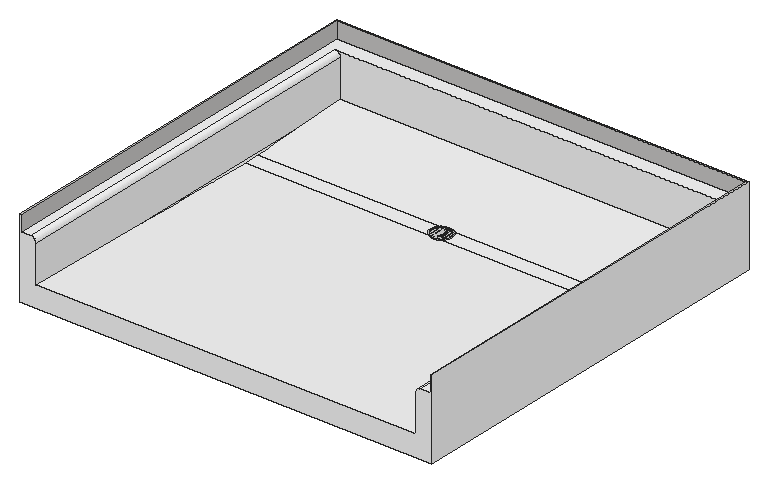
Revit family "Shower_Base-Acorn-Terrazzo_Ware-SBADA-36-3F", category Plumbing Fixtures, Revit 2019
Family settings
  Round Connector Dimension = Use Diameter
  Part Type = Normal
  OmniClass Number = 23.45.05.14.17
  OmniClass Title = Showers
  Work Plane-Based = Yes
  Always vertical = No
  Cut with Voids When Loaded = No
  Shared = Yes
  Room Calculation Point = No
Parameters (values of type "SBADA-36-3F")
  Waste Connection Radius = 1.00"
  Waste Connection Diameter = 2.00"  # constant formula
  Waste Connection = yes
  WFU = 4  # constant formula
  Vent Connection = no
  VRSVandal Resistant Strainer = no
  URL = "https://www.acorneng.com/"
  Strainer Finish = Metal-Acorn-Stainless Steel
  Product Page URL = "https://www.acorneng.com/terrazzo-shower-base-sbada-36-3f"
  Product Documentation Link = "https://www.acorneng.com/uploads/fileLibrary/sbada.pdf"
  Other = 0.61984"
  Model = "SBADA-36-3F"
  Material = "Precast Terazzo-Acorn-White"
  Manufacturer = "Acorn Engineering"
  KDG2Drain Gasket 2" = no
  Installation Type = "Floor Mounted"
  Height = 7.50"
  HWFU = 3  # constant formula
  HW Connection = no
  Flange Material = Metal-Acorn-Galvanized Steel
  Finish = Precast Terazzo-Acorn-White
  A-Dimension = 36.00"
  B-Dimension = 36.00"
  Description = "36\" x 36\" ID Terrazzo ADA Shower Base"
  Default Elevation = 0.00"
  Creation Date = "04/12/2023"  # constant formula
  Compressive Strength = "3,000 PSI"
  Compliance Certifications = "Terrazzo Shower Bases have Third Party Certification of conformance with\r\nCSA B45.8/IAPMO Z403 Terrazzo, Concrete and Natural Stone Plumbing Fixtures"
  CWFU = 3  # constant formula
  CW Connection = no
  D-Dimension = 37.50"
  Assembly Code = "D2010710"
  ADA Compliant = yes
  C-Dimension = 39.00"
Reference planes (in)
  plane 1 "Center (Front/Back)": y = 0
  plane 2: z = 0
  plane 3 "Center (Left/Right)": x = 0
  plane 4: x = -19.5
  plane 5: x = 19.5
  plane 6: y = 17.69
  plane 7: y = -19.81
  plane 8: x = 42.25
  plane 9: x = -18
  plane 10: x = 18
  plane 11: z = 6
  plane 12: z = 7.5
  plane 13: y = 14.75
  plane 14: z = 1.5
  plane 15: y = 16.19
  plane 16: y = 5.69
Forms (in)
  Sweep 1, solid, material "Precast Terazzo-Acorn-White" <- "Finish"
    path origin (0, 0, 0) x (1, 0, 0) y (0, 1, 0)
      loop
        line (-19.5, -19.81) -> (-19.5, 17.69) -> (19.5, 17.69) -> (19.5, -19.81)
    profile origin (-19.5, -1.06, 0) x (-1, 0, 0) y (0, 0, 1)
      loop
        line (0, 0) -> (0, 7.5) -> (-0.125, 7.5) -> (-0.125, 6) -> (-1, 6)
        arc (-1, 6) -> (-1.35355, 5.85355) -> (-1.5, 5.5) r 0.5
        line (-1.5, 5.5) -> (-1.5, 1.75)
        arc (-1.5, 1.75) -> (-1.64645, 1.39645) -> (-2, 1.25) r 0.5
        line (-2, 1.25) -> (-2.625, 1.25) -> (-2.625, 0) -> (0, 0)
  Extrusion 2, solid, material "Precast Terazzo-Acorn-White" <- "Finish"
    sketch origin (0, 0, 0) x (0, 1, 0) y (0, 0, 1)
      loop
        line (-19.81, 0) -> (17.69, 0) -> (17.69, 6) -> (16.19, 6) -> (16.19, 2) -> (6.44394, 1.5359)
        arc (6.44394, 1.5359) -> (5.68982, 1.51261) -> (4.93535, 1.51452) r 22.58424
        line (4.93535, 1.51452) -> (-19.81, 1.99054) -> (-19.81, 0)
    from -19.5 to 19.5
  Extrusion 3, solid, material "Metal-Acorn-Stainless Steel" <- "Strainer Finish"
    sketch origin (-0.03125, 23.97125, 0) x (1, 0, 0) y (0, 1, 0)
      loop
        circle (0.03125, -18.28125) r 1
      loop
        arc (-0.56278, -17.62454) -> (-0.58041, -17.64094) -> (-0.59759, -17.6578) r 0.88551
        arc (-0.59759, -17.6578) -> (-0.60092, -17.67481) -> (-0.5865, -17.68443) r 0.01563
        line (-0.5865, -17.68443) -> (0.649, -17.68443)
        arc (0.649, -17.68443) -> (0.66342, -17.67481) -> (0.66009, -17.6578) r 0.01563
        arc (0.66009, -17.6578) -> (0.64308, -17.6411) -> (0.62562, -17.62485) r 0.88551
        arc (0.62562, -17.62485) -> (0.57208, -17.59189) -> (0.51026, -17.58038) r 0.17188
        line (0.51026, -17.58038) -> (-0.44813, -17.58038)
        arc (-0.44813, -17.58038) -> (-0.50956, -17.59181) -> (-0.56278, -17.62454) r 0.1709
      loop
        arc (0.37653, -17.49978) -> (0.39245, -17.48682) -> (0.38299, -17.46859) r 0.01626
        arc (0.38299, -17.46859) -> (0.02969, -17.39574) -> (-0.32335, -17.46984) r 0.88551
        arc (-0.32335, -17.46984) -> (-0.33239, -17.48735) -> (-0.31709, -17.49978) r 0.01563
        line (-0.31709, -17.49978) -> (0.37653, -17.49978)
      loop
        arc (-0.71135, -17.79888) -> (-0.72592, -17.82211) -> (-0.73978, -17.84577) r 0.88551
        arc (-0.73978, -17.84577) -> (-0.73967, -17.86133) -> (-0.72617, -17.86908) r 0.01563
        line (-0.72617, -17.86908) -> (-0.12634, -17.86908)
        spline (-0.12634, -17.86908) -> (-0.11909, -17.85699) -> (-0.11164, -17.84547) -> (-0.104, -17.83455) -> (-0.09617, -17.82424) -> (-0.08817, -17.81454) -> (-0.08001, -17.80548) -> (-0.0717, -17.79706) -> (-0.06325, -17.7893) -> (-0.05466, -17.78221) -> (-0.04597, -17.7758) -> (-0.03716, -17.77007) -> (-0.02827, -17.76504)
        line (-0.02827, -17.76504) -> (-0.649, -17.76504)
        arc (-0.649, -17.76504) -> (-0.68447, -17.77404) -> (-0.71135, -17.79888) r 0.07435
      loop
        arc (-0.80033, -17.97695) -> (-0.80934, -18.00279) -> (-0.81754, -18.02891) r 0.88551
        arc (-0.81754, -18.02891) -> (-0.81451, -18.04596) -> (-0.79903, -18.05372) r 0.01931
        line (-0.79903, -18.05372) -> (-0.19438, -18.05372)
        spline (-0.19438, -18.05372) -> (-0.19228, -18.04451) -> (-0.19009, -18.03538) -> (-0.18782, -18.02635) -> (-0.18547, -18.0174) -> (-0.18304, -18.00856) -> (-0.18053, -17.99982) -> (-0.17794, -17.99118) -> (-0.17527, -17.98266) -> (-0.17253, -17.97424) -> (-0.16971, -17.96593) -> (-0.16682, -17.95775) -> (-0.16385, -17.94968)
        line (-0.16385, -17.94968) -> (-0.76132, -17.94968)
        arc (-0.76132, -17.94968) -> (-0.78512, -17.95717) -> (-0.80033, -17.97695) r 0.04155
      loop
        arc (-0.84727, -18.17018) -> (-0.84963, -18.19083) -> (-0.85151, -18.21153) r 0.88551
        arc (-0.85151, -18.21153) -> (-0.84498, -18.23037) -> (-0.82672, -18.23836) r 0.02487
        line (-0.82672, -18.23836) -> (-0.21766, -18.23836)
        spline (-0.21766, -18.23836) -> (-0.21729, -18.22957) -> (-0.21685, -18.22079) -> (-0.21634, -18.21203) -> (-0.21576, -18.20329) -> (-0.21512, -18.19457) -> (-0.2144, -18.18587) -> (-0.21362, -18.1772) -> (-0.21277, -18.16856) -> (-0.21186, -18.15995) -> (-0.21088, -18.15137) -> (-0.20983, -18.14283) -> (-0.20871, -18.13432)
        line (-0.20871, -18.13432) -> (-0.8066, -18.13432)
        arc (-0.8066, -18.13432) -> (-0.83371, -18.14457) -> (-0.84727, -18.17018) r 0.041
      loop
        arc (0.77385, -17.79888) -> (0.74697, -17.77404) -> (0.7115, -17.76504) r 0.07435
        line (0.7115, -17.76504) -> (0.09077, -17.76504)
        spline (0.09077, -17.76504) -> (0.09966, -17.77007) -> (0.10847, -17.7758) -> (0.11716, -17.78221) -> (0.12575, -17.7893) -> (0.1342, -17.79706) -> (0.14251, -17.80548) -> (0.15067, -17.81454) -> (0.15867, -17.82424) -> (0.1665, -17.83455) -> (0.17414, -17.84547) -> (0.18159, -17.85699) -> (0.18884, -17.86908)
        line (0.18884, -17.86908) -> (0.78867, -17.86908)
        arc (0.78867, -17.86908) -> (0.80217, -17.86133) -> (0.80228, -17.84577) r 0.01563
        arc (0.80228, -17.84577) -> (0.78842, -17.82211) -> (0.77385, -17.79888) r 0.88551
      loop
        arc (0.86283, -17.97695) -> (0.84762, -17.95717) -> (0.82382, -17.94968) r 0.04155
        line (0.82382, -17.94968) -> (0.22635, -17.94968)
        spline (0.22635, -17.94968) -> (0.22932, -17.95775) -> (0.23221, -17.96593) -> (0.23503, -17.97424) -> (0.23777, -17.98266) -> (0.24044, -17.99118) -> (0.24303, -17.99982) -> (0.24554, -18.00856) -> (0.24797, -18.0174) -> (0.25032, -18.02635) -> (0.25259, -18.03538) -> (0.25478, -18.04451) -> (0.25688, -18.05372)
        line (0.25688, -18.05372) -> (0.86153, -18.05372)
        arc (0.86153, -18.05372) -> (0.87701, -18.04596) -> (0.88004, -18.02891) r 0.01931
        arc (0.88004, -18.02891) -> (0.87184, -18.00279) -> (0.86283, -17.97695) r 0.88551
      loop
        arc (0.90977, -18.17018) -> (0.89621, -18.14457) -> (0.8691, -18.13432) r 0.041
        line (0.8691, -18.13432) -> (0.27121, -18.13432)
        spline (0.27121, -18.13432) -> (0.27233, -18.14283) -> (0.27338, -18.15137) -> (0.27436, -18.15995) -> (0.27527, -18.16856) -> (0.27612, -18.1772) -> (0.2769, -18.18587) -> (0.27762, -18.19457) -> (0.27826, -18.20329) -> (0.27884, -18.21203) -> (0.27935, -18.22079) -> (0.27979, -18.22957) -> (0.28016, -18.23836)
        line (0.28016, -18.23836) -> (0.88922, -18.23836)
        arc (0.88922, -18.23836) -> (0.90748, -18.23037) -> (0.91401, -18.21153) r 0.02487
        arc (0.91401, -18.21153) -> (0.91213, -18.19083) -> (0.90977, -18.17018) r 0.88551
      loop
        arc (-0.56278, -18.93796) -> (-0.50956, -18.97069) -> (-0.44813, -18.98212) r 0.1709
        line (-0.44813, -18.98212) -> (0.51026, -18.98212)
        arc (0.51026, -18.98212) -> (0.57208, -18.97061) -> (0.62562, -18.93765) r 0.17188
        arc (0.62562, -18.93765) -> (0.64308, -18.9214) -> (0.66009, -18.9047) r 0.88551
        arc (0.66009, -18.9047) -> (0.66342, -18.88769) -> (0.649, -18.87807) r 0.01563
        line (0.649, -18.87807) -> (-0.5865, -18.87807)
        arc (-0.5865, -18.87807) -> (-0.60092, -18.88769) -> (-0.59759, -18.9047) r 0.01563
        arc (-0.59759, -18.9047) -> (-0.58041, -18.92156) -> (-0.56278, -18.93796) r 0.88551
      loop
        line (0.37653, -19.06272) -> (-0.31709, -19.06272)
        arc (-0.31709, -19.06272) -> (-0.33239, -19.07515) -> (-0.32335, -19.09266) r 0.01563
        arc (-0.32335, -19.09266) -> (0.02969, -19.16676) -> (0.38299, -19.09391) r 0.88551
        arc (0.38299, -19.09391) -> (0.39245, -19.07568) -> (0.37653, -19.06272) r 0.01626
      loop
        arc (-0.71135, -18.76362) -> (-0.68447, -18.78846) -> (-0.649, -18.79746) r 0.07435
        line (-0.649, -18.79746) -> (-0.02827, -18.79746)
        spline (-0.02827, -18.79746) -> (-0.03716, -18.79243) -> (-0.04597, -18.7867) -> (-0.05466, -18.78029) -> (-0.06325, -18.7732) -> (-0.0717, -18.76544) -> (-0.08001, -18.75702) -> (-0.08817, -18.74796) -> (-0.09617, -18.73826) -> (-0.104, -18.72795) -> (-0.11164, -18.71703) -> (-0.11909, -18.70551) -> (-0.12634, -18.69342)
        line (-0.12634, -18.69342) -> (-0.72617, -18.69342)
        arc (-0.72617, -18.69342) -> (-0.73967, -18.70117) -> (-0.73978, -18.71673) r 0.01563
        arc (-0.73978, -18.71673) -> (-0.72592, -18.74039) -> (-0.71135, -18.76362) r 0.88551
      loop
        arc (-0.80033, -18.58555) -> (-0.78512, -18.60533) -> (-0.76132, -18.61282) r 0.04155
        line (-0.76132, -18.61282) -> (-0.16385, -18.61282)
        spline (-0.16385, -18.61282) -> (-0.16682, -18.60475) -> (-0.16971, -18.59657) -> (-0.17253, -18.58826) -> (-0.17527, -18.57984) -> (-0.17794, -18.57132) -> (-0.18053, -18.56268) -> (-0.18304, -18.55394) -> (-0.18547, -18.5451) -> (-0.18782, -18.53615) -> (-0.19009, -18.52712) -> (-0.19228, -18.51799) -> (-0.19438, -18.50878)
        line (-0.19438, -18.50878) -> (-0.79903, -18.50878)
        arc (-0.79903, -18.50878) -> (-0.81451, -18.51654) -> (-0.81754, -18.53359) r 0.01931
        arc (-0.81754, -18.53359) -> (-0.80934, -18.55971) -> (-0.80033, -18.58555) r 0.88551
      loop
        arc (-0.84727, -18.39232) -> (-0.83371, -18.41793) -> (-0.8066, -18.42818) r 0.041
        line (-0.8066, -18.42818) -> (-0.20871, -18.42818)
        spline (-0.20871, -18.42818) -> (-0.20983, -18.41967) -> (-0.21088, -18.41113) -> (-0.21186, -18.40255) -> (-0.21277, -18.39394) -> (-0.21362, -18.3853) -> (-0.2144, -18.37663) -> (-0.21512, -18.36793) -> (-0.21576, -18.35921) -> (-0.21634, -18.35047) -> (-0.21685, -18.34171) -> (-0.21729, -18.33293) -> (-0.21766, -18.32414)
        line (-0.21766, -18.32414) -> (-0.82672, -18.32414)
        arc (-0.82672, -18.32414) -> (-0.84498, -18.33213) -> (-0.85151, -18.35097) r 0.02487
        arc (-0.85151, -18.35097) -> (-0.84963, -18.37167) -> (-0.84727, -18.39232) r 0.88551
      loop
        arc (0.77385, -18.76362) -> (0.78842, -18.74039) -> (0.80228, -18.71673) r 0.88551
        arc (0.80228, -18.71673) -> (0.80217, -18.70117) -> (0.78867, -18.69342) r 0.01563
        line (0.78867, -18.69342) -> (0.18884, -18.69342)
        spline (0.18884, -18.69342) -> (0.18159, -18.70551) -> (0.17414, -18.71703) -> (0.1665, -18.72795) -> (0.15867, -18.73826) -> (0.15067, -18.74796) -> (0.14251, -18.75702) -> (0.1342, -18.76544) -> (0.12575, -18.7732) -> (0.11716, -18.78029) -> (0.10847, -18.7867) -> (0.09966, -18.79243) -> (0.09077, -18.79746)
        line (0.09077, -18.79746) -> (0.7115, -18.79746)
        arc (0.7115, -18.79746) -> (0.74697, -18.78846) -> (0.77385, -18.76362) r 0.07435
      loop
        arc (0.86283, -18.58555) -> (0.87184, -18.55971) -> (0.88004, -18.53359) r 0.88551
        arc (0.88004, -18.53359) -> (0.87701, -18.51654) -> (0.86153, -18.50878) r 0.01931
        line (0.86153, -18.50878) -> (0.25688, -18.50878)
        spline (0.25688, -18.50878) -> (0.25478, -18.51799) -> (0.25259, -18.52712) -> (0.25032, -18.53615) -> (0.24797, -18.5451) -> (0.24554, -18.55394) -> (0.24303, -18.56268) -> (0.24044, -18.57132) -> (0.23777, -18.57984) -> (0.23503, -18.58826) -> (0.23221, -18.59657) -> (0.22932, -18.60475) -> (0.22635, -18.61282)
        line (0.22635, -18.61282) -> (0.82382, -18.61282)
        arc (0.82382, -18.61282) -> (0.84762, -18.60533) -> (0.86283, -18.58555) r 0.04155
      loop
        arc (0.90977, -18.39232) -> (0.91213, -18.37167) -> (0.91401, -18.35097) r 0.88551
        arc (0.91401, -18.35097) -> (0.90748, -18.33213) -> (0.88922, -18.32414) r 0.02487
        line (0.88922, -18.32414) -> (0.28016, -18.32414)
        spline (0.28016, -18.32414) -> (0.27979, -18.33293) -> (0.27935, -18.34171) -> (0.27884, -18.35047) -> (0.27826, -18.35921) -> (0.27762, -18.36793) -> (0.2769, -18.37663) -> (0.27612, -18.3853) -> (0.27527, -18.39394) -> (0.27436, -18.40255) -> (0.27338, -18.41113) -> (0.27233, -18.41967) -> (0.27121, -18.42818)
        line (0.27121, -18.42818) -> (0.8691, -18.42818)
        arc (0.8691, -18.42818) -> (0.89621, -18.41793) -> (0.90977, -18.39232) r 0.041
    from 1.54671 to 0
Cuts and joins
  joined: Sweep 1, Extrusion 2
Lines and regions (in)
  Split face 1
    outline origin (-19.5, -19.81, 0) x (1, 0, 0) y (0, 0, 1)
      loop
        line (0.125, 6) -> (0, 6)
  Split face 2
    outline origin (-19.5, -19.81, 0) x (1, 0, 0) y (0, 0, 1)
      loop
        line (38.875, 6) -> (39, 6)
  Split face 3
    outline origin (-19.5, -19.81, 7) x (0, 1, 0) y (0, 0, -1)
      loop
        line (0, 1) -> (37.5, 1)
  Split face 4
    outline origin (-19.5, 17.69, 7) x (1, 0, 0) y (0, 0, -1)
      loop
        line (0, 1) -> (39, 1)
  Split face 5
    outline origin (19.5, 17.69, 7) x (0, -1, 0) y (0, 0, -1)
      loop
        line (0, 1) -> (37.5, 1)
Dimensions and locks (in)
  "D-Dimension": plane 6 to plane 7
  plane 7 to plane 6 = 37.50"
  equal spacing: plane 9, plane 3 "Center (Left/Right)", plane 10
  "A-Dimension": plane 9 to plane 10
  locked: Sweep 1 sketch curve to Sweep 1 sketch curve at 0.125
  locked: Sweep 1 sketch curve to plane 9 at 1.125
  locked: plane 11 to level at 6
  "Height": plane 12 to level
  equal spacing: plane 4, plane 3 "Center (Left/Right)", plane 5
  "C-Dimension": plane 4 to plane 5
  plane 12 to plane 11 = 1.50"
  locked: Extrusion 2 sketch curve to Extrusion 2 sketch curve at 1.5
  locked: Extrusion 2 sketch curve to Extrusion 2 sketch curve at 2
  locked: plane 14 to level at 1.5
  "B-Dimension": plane 7 to plane 15
  plane 6 to plane 16 = 12.00"
  plane 3 "Center (Left/Right)" to plane 5 = 19.50"
  "Waste Connection Radius": radius of Extrusion 3 sketch curve
  aligned and locked: plane 4 to Extrusion 2
  aligned and locked: plane 5 to Extrusion 2
  aligned and locked: Sweep 1 sketch curve to plane 9
  aligned and locked: Sweep 1 sketch curve to plane 4
  aligned and locked: Sweep 1 sketch curve to plane 6
  aligned and locked: Sweep 1 sketch curve to plane 5
  aligned and locked: Sweep 1 sketch curve to plane 12
  aligned and locked: Sweep 1 sketch curve to plane 11
  aligned and locked: Sweep 1 sketch curve to profile plane
  aligned and locked: Extrusion 2 sketch curve to level
  aligned and locked: plane 6 to Extrusion 2 sketch curve
  aligned and locked: Extrusion 2 sketch curve to plane 7
  aligned and locked: Extrusion 3 to level
Automatic sketch dimensions
  plane 7 to Sweep 1 sketch curve = 0.00"  (x2)
  Sweep 1 sketch curve to profile plane = 0.00"
  Sweep 1 sketch curve to Sweep 1 sketch curve = 0.625"
  Sweep 1 sketch curve to Sweep 1 sketch curve = 0.50"
  level to Sweep 1 sketch curve = 1.25"
  Extrusion 3 sketch curve to Extrusion 3 sketch curve = 0.00"  (x97)
  Extrusion 3 sketch curve to Extrusion 3 sketch curve = 0.02012"  (x4)
  Extrusion 3 sketch curve to Extrusion 3 sketch curve = 0.00756"  (x4)
  Extrusion 3 sketch curve to Extrusion 3 sketch curve = 0.03772"  (x4)
  Extrusion 3 sketch curve to Extrusion 3 sketch curve = 0.03515"  (x4)
  Extrusion 3 sketch curve to Extrusion 3 sketch curve = 0.07717"  (x4)
  Extrusion 3 sketch curve to Extrusion 3 sketch curve = 0.0625"  (x4)
  Extrusion 3 sketch curve to Extrusion 3 sketch curve = 0.13837"  (x2)
  Extrusion 3 sketch curve to Extrusion 3 sketch curve = 0.13104"  (x2)
  Extrusion 3 sketch curve to Extrusion 3 sketch curve = 0.23047"
  Extrusion 3 sketch curve to Extrusion 3 sketch curve = 0.00895"  (x3)
  Extrusion 3 sketch curve to Extrusion 3 sketch curve = 0.01433"  (x4)
  Extrusion 3 sketch curve to Extrusion 3 sketch curve = 0.03053"  (x4)
  Extrusion 3 sketch curve to Extrusion 3 sketch curve = 0.03751"  (x4)
  Extrusion 3 sketch curve to Extrusion 3 sketch curve = 0.09807"  (x4)
  Extrusion 3 sketch curve to Extrusion 3 sketch curve = 0.24891"
  Extrusion 3 sketch curve to Extrusion 3 sketch curve = 0.11903"  (x2)
  Extrusion 3 sketch curve to Extrusion 3 sketch curve = 0.28576"  (x2)
  Extrusion 3 sketch curve to Extrusion 3 sketch curve = 0.13373"  (x2)
  Extrusion 3 sketch curve to Extrusion 3 sketch curve = 0.13874"  (x2)
  Extrusion 3 sketch curve to plane 7 = 24.70227"
  Extrusion 3 sketch curve to Extrusion 3 sketch curve = 0.00064"
  Extrusion 3 sketch curve to Extrusion 3 sketch curve = 0.01562"  (x3)
  Extrusion 3 sketch curve to Extrusion 3 sketch curve = 0.0806"  (x10)
  Extrusion 3 sketch curve to Extrusion 3 sketch curve = 0.08842"  (x3)
  Extrusion 3 sketch curve to Extrusion 3 sketch curve = 0.06686"
  Extrusion 3 sketch curve to Extrusion 3 sketch curve = 0.06783"
  Extrusion 3 sketch curve to Extrusion 3 sketch curve = 0.08061"  (x3)
  Extrusion 3 sketch curve to Extrusion 3 sketch curve = 0.07435"  (x2)
  Extrusion 3 sketch curve to Extrusion 3 sketch curve = 0.01407"  (x4)
  Extrusion 3 sketch curve to Extrusion 3 sketch curve = 0.10404"  (x7)
  Extrusion 3 sketch curve to Extrusion 3 sketch curve = 0.04155"  (x2)
  Extrusion 3 sketch curve to Extrusion 3 sketch curve = 0.04318"  (x4)
  Extrusion 3 sketch curve to Extrusion 3 sketch curve = 0.01931"  (x4)
  Extrusion 3 sketch curve to Extrusion 3 sketch curve = 0.041"  (x3)
  Extrusion 3 sketch curve to Extrusion 3 sketch curve = 0.03817"  (x4)
  Extrusion 3 sketch curve to Extrusion 3 sketch curve = 0.02487"  (x3)
  Extrusion 3 sketch curve to Extrusion 3 sketch curve = 0.04288"
  Extrusion 3 sketch curve to Extrusion 3 sketch curve = 0.08577"  (x2)
  Extrusion 3 sketch curve to Extrusion 3 sketch curve = 0.01563"  (x4)
  Extrusion 3 sketch curve to Extrusion 3 sketch curve = 0.01278"
  Extrusion 3 sketch curve to Extrusion 3 sketch curve = 0.01375"
  Extrusion 3 sketch curve to Extrusion 3 sketch curve = 0.01626"
  Extrusion 3 sketch curve to Extrusion 3 sketch curve = 0.00026"
  Extrusion 3 sketch curve to Extrusion 3 sketch curve = 0.05926"
  Extrusion 3 sketch curve to Extrusion 3 sketch curve = 0.00051"  (x2)
  Extrusion 3 sketch curve to Extrusion 3 sketch curve = 0.01639"
  Extrusion 3 sketch curve to Extrusion 3 sketch curve = 0.00047"
  Split face 1 sketch curve to cut or joined group of Sweep 1, Extrusion 2 = 0.00"  (x2)
  cut or joined group of Sweep 1, Extrusion 2 to Split face 1 sketch curve = 0.00"
  cut or joined group of Sweep 1, Extrusion 2 to Split face 2 sketch curve = 0.00"
  Split face 2 sketch curve to cut or joined group of Sweep 1, Extrusion 2 = 0.00"  (x2)
  Split face 3 sketch curve to cut or joined group of Sweep 1, Extrusion 2 = 0.00"  (x2)
  Split face 3 sketch curve to cut or joined group of Sweep 1, Extrusion 2 = 1.50"
  cut or joined group of Sweep 1, Extrusion 2 to Split face 4 sketch curve = 0.00"
  Split face 4 sketch curve to cut or joined group of Sweep 1, Extrusion 2 = 0.00"
  Split face 4 sketch curve to cut or joined group of Sweep 1, Extrusion 2 = 1.50"
  Split face 5 sketch curve to cut or joined group of Sweep 1, Extrusion 2 = 0.00"  (x2)
  Split face 5 sketch curve to cut or joined group of Sweep 1, Extrusion 2 = 1.50"
  Extrusion 3 sketch curve to plane 3 "Center (Left/Right)" = 0.00"
  Extrusion 2 sketch curve to plane 11 = 0.00"
  plane 14 to Extrusion 2 sketch curve = 0.01452"
  Extrusion 2 sketch curve to plane 16 = 0.75465"
  Extrusion 2 sketch curve to plane 16 = 0.32029"
  plane 14 to Extrusion 2 sketch curve = 0.0359"
  Extrusion 2 sketch curve to Extrusion 2 sketch curve = 1.50859"
  plane 14 to Extrusion 2 sketch curve = 0.49054"
Connectors (in)
  piping at (0, 5.69, 0), diameter 2, driven by "Waste Connection Diameter", driven by "WFU"
    settings: on Extrusion 3, index 1, connector inside diameter 24", connector length 0.00", flow factor 0, pipe flow 0 GPM, pressure drop 0.00 psi, fitting loss kfactor 0, connector angle 0.00°, fixture units 4, engagement length 0.00", angle of deflection 0.00°, flow configuration 3, flow direction 2, fitting loss method 0, system type 16, joint type 0, gender type 0, connector reference index -1, connector utility 0, adjustable connector no, is connector primary yes, connector description "2\" Waste Outlet Connection"
